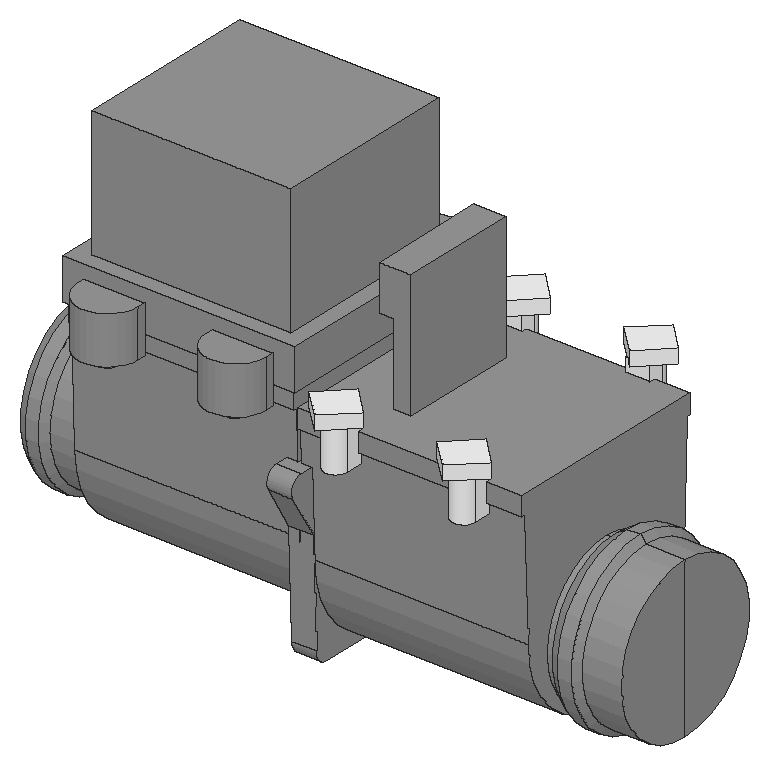
Revit family "HL_RU_Anti-flooding valve_HL712.2EPC-A-171212", category Příslušenství trubek, Revit 2021
Family settings
  Kóta kulaté spojky = Použít průměr
  Typ dílu = Normální
  Číslo OmniClass = 23.65.55.14.21
  Nadpis OmniClass = Non-Return Valves for Liquid Services
  Založené na pracovní rovině = Ne
  Vždy vertikální = Ano
  Ořezat dutým tvarem při načtení = Ne
  Sdílené = Ne
Parameters (values of type "HL_Механический канализационный затвор_HL712.2EPC")
  РАЗМЕР = "DN125"
  ПРОПУСКНАЯ СПОСОБНОСТЬ [instance] = 0.0 m³/h
  ПРАВОВАЯ ИНФОРМАЦИЯ = "\"Авторские права(©), права на дизайн или какие либо другие права интелектуальной собственности являются исключительной собственностью компании HL Hutterer & Lechner. Изменению не подлежит. Файл семейства с данными о прозводителе изделия защищен паролем с водяным знаком.\""
  ПАДЕНИЕ ДАВЛЕНИЯ [instance] = 0.0 Pa
  НОМИНАЛЬНЫЙ ДИАМЕТР 2 = 125 mm
  НОМИНАЛЬНЫЙ ДИАМЕТР = 125 mm
  МАТЕРИАЛ = "ABS"
  ВЫСОТА МОНТАЖА = "354 mm"
  ВЕС = "6,189 kg"
  Výrobce = "HL Hutterer & Lechner GmbH"
  Výchozí výška = 0 mm
  URL = "http://www.hutterer-lechner.com/ru/products/catalog/roof-drains/HL712.2EPC.aspx"
  Popis = "Механический канализационный затвор"
  Model = "HL712.2EPC"
  Komentáře k typům = "Механический магистральный канализационный затвор DN125 с электроприводной заслонкой, с дополнительной заслонкой из нержавеющей стали и ручным затвором . С возможностью подключения к компьютеру."
  Keynote = "HL712.2EPC"
  EAN = "9003076008483"
  Cena = 0
Types (2, lengths in mm): name | URL | Popis | Komentáře k typům
  (no name) | "http://www.hutterer-lechner.com/en/products/catalog/roof-drains/HL712.2EPC.aspx" | "Anti flood valves" | "anti-flood valve DN125 with electronically controlled flap, additional stainless steel flap and manual blocking. With interface"
  HL_Механический канализационный затвор_HL712.2EPC | "http://www.hutterer-lechner.com/ru/products/catalog/roof-drains/HL712.2EPC.aspx" | "Механический канализационный затвор" | "Механический магистральный канализационный затвор DN125 с электроприводной заслонкой, с дополнительной заслонкой из нержавеющей стали и ручным затвором . С возможностью подключения к компьютеру."
Values of the unnamed type that differ from the named types
  ПРАВОВАЯ ИНФОРМАЦИЯ = "\"Copyright (©), design rights or any other intellectual property rights, shall be the exclusive property of HL Hutterer & Lechner GmbH. Modification is not allowed. Family has been watermarked.\""
Reference planes
  plane 1 "Střed (vpředu/vzadu)": y = 0
  plane 2: z = 0
  plane 3 "Střed (vlevo/vpravo)": x = 0
Forms (mm)
  Sweep 1, solid, material "Plastic - Orange", detail levels fine
    path origin (292.29, 0, 107.38) x (1, 0, 0) y (0, 1, 0)
      loop
        line (94.75, 0) -> (-94.75, 0)
    profile origin (292.29, 0, 107.38) x (0, -1, 0) y (0, 0, 1)
      loop
        line (0, 0) -> (-88.191, 0) -> (-88.191, -16) -> (-85.007, -16) -> (-81.547, -115.07)
        arc (-81.547, -115.07) -> (-58.136, -173.311) -> (0, -196.982) r 80.412
        arc (0, -196.982) -> (58.136, -173.311) -> (81.547, -115.07) r 80.412
        line (81.547, -115.07) -> (85.007, -16) -> (88.191, -16) -> (88.191, 0) -> (0, 0)
  Extrusion 2, solid, material "Plactic - White", detail levels fine
    sketch origin (292.29, 0, 107.38) x (1, 0, 0) y (0, 1, 0)
      loop
        line (54, -121.127) -> (76.627, -98.5) -> (54, -75.873) -> (31.373, -98.5) -> (54, -121.127)
    from 11.235 to 23.235
  Extrusion 3, solid, material "Plactic - White", detail levels fine
    sketch origin (292.29, 0, 118.615) x (0, 1, 0) y (1, 0, 0)
      loop
        arc (-98.5, 64) -> (-108.5, 54) -> (-98.5, 44) r 10
        line (-98.5, 44) -> (-84.694, 44) -> (-84.694, 64) -> (-98.5, 64)
    from 0 to 37.235
  Extrusion 4, solid, material "Plactic - White", detail levels fine
    sketch origin (184.29, 0, 107.38) x (1, 0, 0) y (0, 1, 0)
      loop
        line (54, -121.127) -> (76.627, -98.5) -> (54, -75.873) -> (31.373, -98.5) -> (54, -121.127)
    from 11.235 to 23.235
  Extrusion 5, solid, material "Plactic - White", detail levels fine
    sketch origin (184.29, 0, 118.615) x (0, 1, 0) y (1, 0, 0)
      loop
        arc (-98.5, 64) -> (-108.5, 54) -> (-98.5, 44) r 10
        line (-98.5, 44) -> (-84.694, 44) -> (-84.694, 64) -> (-98.5, 64)
    from 0 to 37.235
  Extrusion 6, solid, material "Plactic - White", detail levels fine
    sketch origin (292.29, 0, 107.38) x (1, 0, 0) y (0, 1, 0)
      loop
        line (54, 121.127) -> (31.373, 98.5) -> (54, 75.873) -> (76.627, 98.5) -> (54, 121.127)
    from 11.235 to 23.235
  Extrusion 7, solid, material "Plactic - White", detail levels fine
    sketch origin (292.29, 0, 118.615) x (0, -1, 0) y (1, 0, 0)
      loop
        arc (-98.5, 64) -> (-108.5, 54) -> (-98.5, 44) r 10
        line (-98.5, 44) -> (-84.694, 44) -> (-84.694, 64) -> (-98.5, 64)
    from 0 to 37.235
  Extrusion 8, solid, material "Plactic - White", detail levels fine
    sketch origin (184.29, 0, 107.38) x (1, 0, 0) y (0, 1, 0)
      loop
        line (54, 121.127) -> (31.373, 98.5) -> (54, 75.873) -> (76.627, 98.5) -> (54, 121.127)
    from 11.235 to 23.235
  Extrusion 9, solid, material "Plactic - White", detail levels fine
    sketch origin (184.29, 0, 118.615) x (0, 1, 0) y (1, 0, 0)
      loop
        line (98.5, 64) -> (84.694, 64) -> (84.694, 44) -> (98.5, 44)
        arc (98.5, 44) -> (108.5, 54) -> (98.5, 64) r 10
    from 0 to 37.235
  Revolve 10, solid, material "Plastic - Orange", not visible, detail levels fine
    sketch origin (296.226, 0, 105.333) x (1, 0, 0) y (0, 0, 1)
      loop
        line (157.469, -128.5) -> (90.814, -128.5) -> (90.814, -191) -> (157.469, -191) -> (157.469, -128.5)
      axis (157.469, -128.5) -> (90.814, -128.5)
    angle from 0 to 360
  Extrusion 11, solid, material "Plastic - Red", detail levels fine
    sketch origin (296.226, 0, 107.38) x (1, 0, 0) y (0, 0, 1)
      loop
        line (-60.186, 106.5) -> (-60.186, 68.5) -> (-47.686, 68.5) -> (-47.686, 0) -> (-33.686, 0) -> (-33.686, 106.5) -> (-60.186, 106.5)
    from -50 to 50
  Sweep 12, solid, material "Plastic - Orange", detail levels fine
    path origin (99.75, 0, 120.38) x (1, 0, 0) y (0, 1, 0)
      loop
        line (94.75, 0) -> (-94.75, 0)
    profile origin (99.75, 0, 120.38) x (0, -1, 0) y (0, 0, 1)
      loop
        line (0, 0) -> (-88.191, 0) -> (-88.191, -16) -> (-85.007, -16) -> (-81.547, -115.07)
        arc (-81.547, -115.07) -> (-58.136, -173.311) -> (0, -196.982) r 80.412
        arc (0, -196.982) -> (58.136, -173.311) -> (81.547, -115.07) r 80.412
        line (81.547, -115.07) -> (85.007, -16) -> (88.191, -16) -> (88.191, 0) -> (0, 0)
  Extrusion 13, solid, material "Plastic - Orange", detail levels fine
    sketch origin (99.75, 0, 131.615) x (0, 1, 0) y (1, 0, 0)
      loop
        arc (-98.5, 64) -> (-108.5, 54) -> (-98.5, 44) r 10
        line (-98.5, 44) -> (-84.694, 44) -> (-84.694, 64) -> (-98.5, 64)
    from 0 to 37.235
  Extrusion 14, solid, material "Plastic - Orange", detail levels fine
    sketch origin (-8.25, 0, 131.615) x (0, 1, 0) y (1, 0, 0)
      loop
        arc (-98.5, 64) -> (-108.5, 54) -> (-98.5, 44) r 10
        line (-98.5, 44) -> (-84.694, 44) -> (-84.694, 64) -> (-98.5, 64)
    from 0 to 37.235
  Extrusion 15, solid, material "Plastic - Orange", detail levels fine
    sketch origin (99.75, 0, 131.615) x (0, 1, 0) y (1, 0, 0)
      loop
        arc (-98.5, 64) -> (-108.5, 54) -> (-98.5, 44) r 10
        line (-98.5, 44) -> (-84.694, 44) -> (-84.694, 64) -> (-98.5, 64)
    from 0 to 37.235
  Revolve 16, solid, material "Plastic - Orange", detail levels fine
    sketch origin (103.686, 0, 113.4) x (1, 0, 0) y (0, 0, 1)
      loop
        line (-156.6, -113.4) -> (-156.6, -180.418) -> (-147.791, -186.042) -> (-136.164, -186.448) -> (-131.953, -180.418) -> (-98.686, -180.418) -> (-98.686, -113.4) -> (-156.6, -113.4)
      axis (-98.686, -113.4) -> (-156.6, -113.4)
    angle from 0 to 360
  Extrusion 17, solid, material "Plastic - Orange", detail levels fine
    sketch origin (99.75, 0, 131.615) x (0, 1, 0) y (1, 0, 0)
      loop
        line (98.5, 64) -> (84.694, 64) -> (84.694, 44) -> (98.5, 44)
        arc (98.5, 44) -> (108.5, 54) -> (98.5, 64) r 10
    from 0 to 37.235
  Extrusion 18, solid, material "Plastic - Orange", detail levels fine
    sketch origin (-8.25, 0, 131.615) x (0, 1, 0) y (1, 0, 0)
      loop
        line (98.5, 64) -> (84.694, 64) -> (84.694, 44) -> (98.5, 44)
        arc (98.5, 44) -> (108.5, 54) -> (98.5, 64) r 10
    from 0 to 37.235
  Extrusion 19, solid, material "Plastic - Orange", detail levels fine
    sketch origin (99.75, 0, 131.615) x (0, 1, 0) y (1, 0, 0)
      loop
        line (98.5, 64) -> (84.694, 64) -> (84.694, 44) -> (98.5, 44)
        arc (98.5, 44) -> (108.5, 54) -> (98.5, 64) r 10
    from 0 to 37.235
  Extrusion 20, solid, material "Plastic - Orange", detail levels fine
    sketch origin (200.477, 0, 120.38) x (0, 1, 0) y (0, 0, 1)
      loop
        line (0, -56.5) -> (-94.75, -56.5)
        arc (-94.75, -56.5) -> (-103.87, -61.797) -> (-103.788, -72.344) r 10.5
        line (-103.788, -72.344) -> (-82.294, -108.697) -> (-79.506, -197.494)
        arc (-79.506, -197.494) -> (-75.99, -205.983) -> (-67.5, -209.5) r 12.006
        line (-67.5, -209.5) -> (0, -209.5) -> (67.5, -209.5)
        arc (67.5, -209.5) -> (75.99, -205.983) -> (79.506, -197.494) r 12.006
        line (79.506, -197.494) -> (82.294, -108.697) -> (103.788, -72.344)
        arc (103.788, -72.344) -> (103.87, -61.797) -> (94.75, -56.5) r 10.5
        line (94.75, -56.5) -> (0, -56.5)
    from -14.769 to 6.071
  Extrusion 21, solid, material "Plastic - Orange", detail levels fine
    sketch origin (194.5, 0, 120.38) x (-1, 0, 0) y (0, -1, 0)
      loop
        line (-3.39, -91.64) -> (191.89, -91.64) -> (191.89, 91.64) -> (-3.39, 91.64) -> (-3.39, -91.64)
    from 0 to 34.5
  Extrusion 22, solid, material "Plastic - Orange", detail levels fine
    sketch origin (194.5, 0, 154.88) x (-1, 0, 0) y (0, -1, 0)
      loop
        line (10.356, -77.894) -> (178.144, -77.894) -> (178.144, 77.894) -> (10.356, 77.894) -> (10.356, -77.894)
    from 0 to 108.5
  Extrusion 23, solid, material "Plastic - Orange", detail levels fine
    sketch origin (178.184, 0, 154.88) x (1, 0, 0) y (0, 1, 0)
      loop
        line (1.456, -91.64) -> (-49.324, -91.64) -> (-49.324, -98.5)
        arc (-49.324, -98.5) -> (-23.934, -123.89) -> (1.456, -98.5) r 25.39
        line (1.456, -98.5) -> (1.456, -91.64)
    from -51 to -11
  Extrusion 24, solid, material "Plastic - Orange", detail levels fine
    sketch origin (178.184, 0, 154.88) x (1, 0, 0) y (0, 1, 0)
      loop
        line (-106.544, -91.64) -> (-157.324, -91.64) -> (-157.324, -98.5)
        arc (-157.324, -98.5) -> (-131.934, -123.89) -> (-106.544, -98.5) r 25.39
        line (-106.544, -98.5) -> (-106.544, -91.64)
    from -51 to -11
  Extrusion 25, solid, material "Plastic - Orange", detail levels fine
    sketch origin (178.184, 0, 154.88) x (1, 0, 0) y (0, 1, 0)
      loop
        line (1.456, 91.64) -> (1.456, 98.5)
        arc (1.456, 98.5) -> (-23.934, 123.89) -> (-49.324, 98.5) r 25.39
        line (-49.324, 98.5) -> (-49.324, 91.64) -> (1.456, 91.64)
    from -51 to -11
  Extrusion 26, solid, material "Plastic - Orange", detail levels fine
    sketch origin (178.184, 0, 154.88) x (1, 0, 0) y (0, 1, 0)
      loop
        line (-106.544, 91.64) -> (-106.544, 98.5)
        arc (-106.544, 98.5) -> (-131.934, 123.89) -> (-157.324, 98.5) r 25.39
        line (-157.324, 98.5) -> (-157.324, 91.64) -> (-106.544, 91.64)
    from -51 to -11
  Revolve 27, solid, material "Plastic - Orange", detail levels fine
    sketch origin (552.381, 0, 90.233) x (1, 0, 0) y (0, 0, 1)
      loop
        line (-165.341, -113.4) -> (-165.341, -175.9) -> (-156.6, -175.9) -> (-156.6, -180.418) -> (-147.791, -186.042) -> (-136.164, -186.448) -> (-131.953, -180.418) -> (-98.686, -180.418) -> (-98.686, -113.4) -> (-165.341, -113.4)
      axis (-98.686, -113.4) -> (-165.341, -113.4)
    angle from 0 to 360
Lines and regions (mm)
  model lines, style "Symbol", detail levels coarse+medium
    curve 1: line (0, 0, 0) -> (453.695, 0, -23.04)
    curve 2: line (351.847, 0, -71.52) -> (351.847, 0, 48.48)
    curve 3: line (351.847, 0, 48.48) -> (101.847, 0, 48.48)
    curve 4: line (101.847, 0, -71.52) -> (101.847, 0, 48.48)
    curve 13: line (351.847, 0, -71.52) -> (101.847, 0, -71.52)
  symbolic lines, style "Symbol", detail levels coarse+medium
    curve 5: line (453.695, 0, 0) -> (0, 0, 0)
    curve 6: line (351.847, -60, 0) -> (351.847, 60, 0)
    curve 7: line (351.847, 60, 0) -> (101.847, 60, 0)
    curve 8: line (101.847, -60, 0) -> (101.847, 60, 0)
    curve 9: line (226.847, -105, 0) -> (226.847, 105, 0)
    curve 10: line (351.847, -60, 0) -> (101.847, -60, 0)
  model lines, detail levels coarse+medium
    curve 11: line (226.847, 0, -11.52) -> (226.847, 0, 93.48)
    curve 12: line (226.847, 0, -116.52) -> (226.847, 0, -11.52)
Dimensions and locks
  aligned and locked: level to plane 2
Connectors
  piping at (0, 0, 0), diameter 125, driven by "ПАДЕНИЕ ДАВЛЕНИЯ", driven by "НОМИНАЛЬНЫЙ ДИАМЕТР", driven by "ПРОПУСКНАЯ СПОСОБНОСТЬ"
    settings: on plane 3 "Střed (vlevo/vpravo)", index 1, connector inside diameter 609.6 mm, connector length 0 mm, flow factor 0, pipe flow 0.0 m³/h, pressure drop 0.0 Pa, fitting loss kfactor 0, connector angle 0.00°, fixture units 0, engagement length 0 mm, angle of deflection 0.00°, flow configuration 0, flow direction 0, fitting loss method 4, system type 16, joint type 0, gender type 0, connector reference index -1, connector utility 0, adjustable connector no, is connector primary yes, connector description ""
  piping at (453.695, 0, -23.167), diameter 125, driven by "НОМИНАЛЬНЫЙ ДИАМЕТР 2", driven by "ПРОПУСКНАЯ СПОСОБНОСТЬ"
    settings: on Revolve 10, index 2, connector inside diameter 609.6 mm, connector length 0 mm, flow factor 0, pipe flow 0.0 m³/h, pressure drop 0.0 Pa, fitting loss kfactor 0, connector angle 0.00°, fixture units 0, engagement length 0 mm, angle of deflection 0.00°, flow configuration 1, flow direction 2, fitting loss method 4, system type 16, joint type 0, gender type 0, connector reference index -1, connector utility 0, adjustable connector no, is connector primary no, connector description ""
